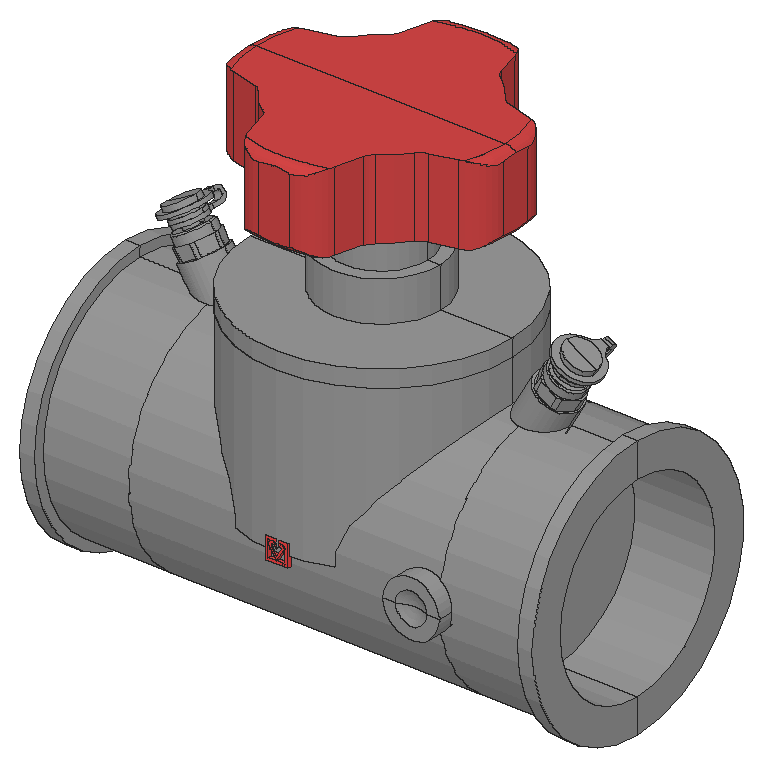
Revit family "Strangregulierventil für Differenzdruckmessung, Geradsitzform 4217 GM", category Rohrzubehör, Revit 2020
Family settings
  Bemaßung runder Anschluss = Durchmesser verwenden
  Teiletyp = Unterbricht
  OmniClass-Nummer = 23.65.55.14
  OmniClass-Titel = Valves for Liquid Services
  Arbeitsebenenbasiert = Nein
  Immer vertikal = Ja
  Beim Laden mit Abzugskörper schneiden = Nein
  Gemeinsam genutzt = Nein
Parameters
  kvs-Wert [instance] = if(Nennweite = 15.00 mm, 6.05, if(Nennweite = 20.00 mm, 6.11, if(Nennweite = 25.00 mm, 9.22, if(Nennweite = 32.00 mm, 18.83, if(Nennweite = 40.00 mm, 23.29, if(Nennweite = 50.00 mm, 35.26, if(Nennweite = 65.00 mm, 52.11, if(Nennweite = 80.00 mm, 76.1, 0))))))))  # 76.1
  W02 = 60.00°  # constant formula
  W01 = 30.00°  # constant formula
  Vorgabe-Ansicht = 0.00 mm
  URL = "www.herz-armaturen.at"
  SC_NennweiteBerechnet = 0
  SC_Dimension = ""
  SCRNSEQ = "ARM;ARM_TYP=\"STRV\";2"
  SCRNCODE = "05;07;02"  # constant formula
  S02 = 60.00 mm  # constant formula
  S01 [instance] = H00 + H01  # 119.31 mm
  R01 [instance] = size_lookup("4217_GM_", "R1", 1.00 mm, Nennweite)  # 53.00 mm
  Nennweite [instance] = 80.00 mm
  Medium = "Heizwasserqualität entsprechend ÖNORM H 5195 bzw. VDI-Richtlinie 2035.\r\nDie Verwendung von Ethylen- und Propylenglykol ist im Mischungsverhältnis 25 - 50 Vol. % zulässig."
  Max. Betriebstemperatur (bis DN32) = 130 °C  # constant formula
  Max. Betriebstemperatur (ab DN40) = 110 °C  # constant formula
  Max. Betriebsdruck = 1600000.0 Pa  # constant formula
  ML02 [instance] = size_lookup("4217_GM_", "ML2", 1.00 mm, Nennweite)  # 70.50 mm
  ML01 [instance] = size_lookup("4217_GM_", "ML1", 1.00 mm, Nennweite)  # 37.35 mm
  MD01 = 9.50 mm  # constant formula
  L02 [instance] = size_lookup("4217_GM_", "L2", 1.00 mm, Nennweite)  # 6.00 mm
  L01 [instance] = size_lookup("4217_GM_", "L1", 1.00 mm, Nennweite)  # 41.30 mm
  L00 [instance] = size_lookup("4217_GM_", "L", 1.00 mm, Nennweite)  # 210.00 mm
  IG [instance] = Nennweite / 2  # 40.00 mm
  Hersteller = "HERZ Armaturen Ges.m.b.H."  # constant formula
  H04 [instance] = size_lookup("4217_GM_", "H4", 1.00 mm, Nennweite)  # 19.00 mm
  H03 = 10.00 mm  # constant formula
  H02 [instance] = size_lookup("4217_GM_", "H2", 1.00 mm, Nennweite)  # 7.00 mm
  H01 [instance] = size_lookup("4217_GM_", "H1", 1.00 mm, Nennweite)  # 52.60 mm
  H00 [instance] = size_lookup("4217_GM_", "H", 1.00 mm, Nennweite)  # 66.71 mm
  Gewicht [instance] = if(Nennweite = 15.00 mm, "0.85 kg", if(Nennweite = 20.00 mm, "1.22 kg", if(Nennweite = 25.00 mm, "1.55 kg", if(Nennweite = 32.00 mm, "1.88 kg", if(Nennweite = 40.00 mm, "2.34 kg", if(Nennweite = 50.00 mm, "3.74 kg", if(Nennweite = 65.00 mm, "5.23 kg", if(Nennweite = 80.00 mm, "6.97 kg", "0 kg"))))))))  # "6.97 kg"
  Gehäuse = "DZR-Messing"  # constant formula
  GT [instance] = size_lookup("4217_GM_", "GT", 1.00 mm, Nennweite)  # 33.30 mm
  Einbaulage = "Bedingt durch die senkrecht zur Ventilachse angeordnete, nichtsteigende Ventilspindel ist für jede Einbaulage optimale Zugängigkeit und Bedienbarkeit des Ventils gewährleistet."
  Differenzdruckmessung = "STRÖMAX-GM Strangregulierventil ist mit zwei Messventilen ausgestattet.\r\nBei Verwendung eines geeigneten Messgerätes kann der Differenzdruck gemessen und dadurch die jeweilige Durchflussmenge in Abhängigkeit der Einstellstufe ermittelt werden.\r\nAm HERZ-Messcomputer (1 8900 05) ist außerdem direkt die jeweilige Durchflussmenge ablesbar."
  DN80 [instance] = Nennweite = 80.00 mm  # yes
  DN65 [instance] = Nennweite = 65.00 mm  # no
  DN50_DN80 [instance] = or(Nennweite = 50.00 mm, Nennweite = 65.00 mm, Nennweite = 80.00 mm)  # yes
  DN50-DN80 [instance] = H00 + H01  # 119.31 mm
  DN50 [instance] = Nennweite = 50.00 mm  # no
  DN40 [instance] = Nennweite = 40.00 mm  # no
  DN32 [instance] = Nennweite = 32.00 mm  # no
  DN25 [instance] = Nennweite = 25.00 mm  # no
  DN20 [instance] = Nennweite = 20.00 mm  # no
  DN15_DN40 [instance] = or(Nennweite = 15.00 mm, Nennweite = 20.00 mm, Nennweite = 25.00 mm, Nennweite = 32.00 mm, Nennweite = 40.00 mm)  # no
  DN15-DN40 [instance] = H00 + H01  # 119.31 mm
  DN15 [instance] = Nennweite = 15.00 mm  # no
  D06 [instance] = size_lookup("4217_GM_", "D6", 1.00 mm, Nennweite)  # 24.30 mm
  D05 [instance] = size_lookup("4217_GM_", "D5", 1.00 mm, Nennweite)  # 19.00 mm
  D04 = 9.00 mm  # constant formula
  D03 [instance] = size_lookup("4217_GM_", "D3", 1.00 mm, Nennweite)  # 53.80 mm
  D02 [instance] = size_lookup("4217_GM_", "D2", 1.00 mm, Nennweite)  # 54.00 mm
  D01 [instance] = size_lookup("4217_GM_", "D1", 1.00 mm, Nennweite)  # 50.00 mm
  Bestellnummer [instance] = size_lookup("4217_GM_", "Artnr", 0, Nennweite)  # 1421708
  Ausführung = "STRÖMAX-GM Strangregulierventil mit Messventilen, 1/2′′ – 3′′\r\nGeradesitzform, gelbe Ausführung, Muffe x Muffe, nichtsteigende Spindel, Spindelabdichtung durch Doppel-O-Ring,Voreinstellung durch Hubbegrenzung mittels Innenspindel, digitale Anzeige der Voreinstellstufe im Handradfenster.\r\n2 Messventile sind neben dem Handrad montiert."
  Anwendungen = "Zum hydraulischen Abgleich in Heiz- oder Kühlanlagen, Einregulieren von Verteilleitungen, Strängen, Wärmetauschern, Heiz- und Kühlregistern."
Reference planes
  plane 1 "Mitte (Vorne/hinten)": y = 0
  plane 2: z = 0
  plane 3 "Mitte (Links/rechts)": x = 0
Forms (mm)
  Revolve 1, solid, material "Messing, weicher Gelbton, geschweißt", detail levels fine
    sketch origin (0, 0, 0) x (1, 0, 0) y (0, 0, 1)
      loop
        line (-105, 54) -> (-105, 40) -> (-71.7, 40) -> (-71.7, 0) -> (71.7, 0) -> (71.7, 40) -> (105, 40) -> (105, 54) -> (99, 54) -> (99, 50) -> (63.7, 50)
        arc (63.7, 50) -> (0, 53) -> (-63.7, 50) r 677.782
        line (-63.7, 50) -> (-99, 50) -> (-99, 54) -> (-105, 54)
      axis (-105, 0) -> (105, 0)
    angle from 0 to 360
  Revolve 2, solid, material "Messing, weicher Gelbton, geschweißt", detail levels fine
    sketch origin (0, 0, 0) x (1, 0, 0) y (0, 0, 1)
      loop
        line (37.35, 0) -> (72.6, 61.055) -> (64.373, 65.805) -> (29.123, 4.75) -> (37.35, 0)
      axis (37.35, 0) -> (72.6, 61.055)
    angle from 0 to 360
  Revolve 3, solid, material "Messing, weicher Gelbton, geschweißt", detail levels fine
    sketch origin (0, 0, 0) x (1, 0, 0) y (0, 0, 1)
      loop
        line (0, 0) -> (0, 66.71) -> (-53.8, 66.71) -> (-53.8, 0) -> (0, 0)
      axis (0, 66.71) -> (0, 0)
    angle from 0 to 360
  Revolve 4, solid, material "Messing, weicher Gelbton, geschweißt", detail levels fine
    sketch origin (0, 0, 0) x (-1, 0, 0) y (0, 0, 1)
      loop
        line (37.35, 0) -> (72.6, 61.055) -> (64.373, 65.805) -> (29.123, 4.75) -> (37.35, 0)
      axis (37.35, 0) -> (72.6, 61.055)
    angle from 0 to 360
  Revolve 5, solid, material "Messing, weicher Gelbton, geschweißt", visible <- "DN65", detail levels fine
    sketch origin (0, 0, 0) x (1, 0, 0) y (0, 1, 0)
      loop
        line (60, 47.945) -> (60, -47.945)
        arc (60, -47.945) -> (63.368, -48.598) -> (66.5, -50) r 15
        line (66.5, -50) -> (71.5, -50) -> (71.5, 50) -> (66.5, 50)
        arc (66.5, 50) -> (63.368, 48.598) -> (60, 47.945) r 15
      axis (60, 50) -> (60, -50)
    angle from 0 to 360
  Revolve 6, solid, material "Messing, weicher Gelbton, geschweißt", detail levels fine
    sketch origin (0, 0, 0) x (1, 0, 0) y (0, 0, 1)
      loop
        line (0, 66.71) -> (0, 119.31) -> (-9, 119.31) -> (-9, 109.31) -> (-19, 109.31) -> (-19, 90.31) -> (-24.3, 90.31) -> (-24.3, 73.71) -> (-53.8, 73.71) -> (-53.8, 66.71) -> (0, 66.71)
      axis (0, 119.31) -> (0, 66.71)
    angle from 0 to 360
  Revolve 7, solid, material "Messing, weicher Gelbton, geschweißt", visible <- "DN80", detail levels fine
    sketch origin (0, 0, 0) x (1, 0, 0) y (0, 1, 0)
      loop
        line (57, 53.945) -> (57, -53.945)
        arc (57, -53.945) -> (60.368, -54.598) -> (63.5, -56) r 15
        line (63.5, -56) -> (68.5, -56) -> (68.5, 56) -> (63.5, 56)
        arc (63.5, 56) -> (60.368, 54.598) -> (57, 53.945) r 15
      axis (57, 56) -> (57, -56)
    angle from 0 to 360
Lines and regions (mm)
  model lines, detail levels coarse+medium
    curve 1: line (-105, 0, 54) -> (-105, 0, -54)
    curve 2: line (-105, 0, -54) -> (105, 0, 54)
    curve 3: line (105, 0, 54) -> (105, 0, -54)
    curve 4: line (105, 0, -54) -> (-105, 0, 54)
    curve 5: line (0, 0, 0) -> (68.884, 0, 119.31)
    curve 6: line (42.903, 0, 134.31) -> (94.864, 0, 104.31)
    curve 7: line (-105, 54, 0) -> (-105, -54, 0)
    curve 8: line (-105, -54, 0) -> (105, 54, 0)
    curve 9: line (105, 54, 0) -> (105, -54, 0)
    curve 10: line (105, -54, 0) -> (-105, 54, 0)
    curve 11: line (0, 0, 0) -> (68.884, 119.31, 0)
    curve 12: line (42.903, 134.31, 0) -> (94.864, 104.31, 0)
Dimensions and locks
  "IG": Revolve 1 sketch curve to plane 2
  "GT": Revolve 1 sketch curve to Revolve 1 sketch curve  (x2)
  "IG": Revolve 1 sketch curve to Revolve 1 sketch curve
  "D01": Revolve 1 sketch curve to Revolve 1 sketch curve  (x2)
  "R01": Revolve 1 sketch curve to Revolve 1 sketch curve
  "L02": Revolve 1 sketch curve to Revolve 1 sketch curve  (x2)
  "L01": Revolve 1 sketch curve to Revolve 1 sketch curve  (x2)
  "D02": Revolve 1 sketch curve to plane 2  (x2)
  equal spacing: Revolve 1 sketch curve, plane 3 "Mitte (Links/rechts)", Revolve 1 sketch curve
  "L00": Revolve 1 sketch curve to Revolve 1 sketch curve
  "R01": nested 1 to plane 1 "Mitte (Vorne/hinten)"
  "ML01": Revolve 2 sketch curve to plane 3 "Mitte (Links/rechts)"
  "H00": Revolve 3 sketch curve to plane 2
  "D03": Revolve 3 sketch curve to Revolve 3 sketch curve
  "ML02": Revolve 2 sketch curve to Revolve 2 sketch curve
  "MD01": Revolve 2 sketch curve to Revolve 2 sketch curve  (x2)
  "ML02": Revolve 4 sketch curve to Revolve 4 sketch curve
  "MD01": Revolve 4 sketch curve to Revolve 4 sketch curve  (x2)
  "ML01": plane 3 "Mitte (Links/rechts)" to Revolve 4 sketch curve
  Revolve 5 sketch curve to Revolve 1 = 45.00 mm
  Revolve 5 sketch curve to Revolve 5 sketch curve = 11.50 mm  (x2)
  Revolve 5 sketch curve to plane 1 "Mitte (Vorne/hinten)" to Revolve 5 sketch curve = 50.00 mm, 50.00 mm
  "H00": Revolve 6 sketch curve to plane 2
  "H01": Revolve 6 sketch curve to Revolve 6 sketch curve
  "D04": Revolve 6 sketch curve to Revolve 6 sketch curve
  "D03": Revolve 6 sketch curve to Revolve 6 sketch curve
  "D05": Revolve 6 sketch curve to Revolve 6 sketch curve
  "D06": Revolve 6 sketch curve to Revolve 6 sketch curve
  "H02": Revolve 6 sketch curve to Revolve 6 sketch curve
  "H03": Revolve 6 sketch curve to Revolve 6 sketch curve
  "H04": Revolve 6 sketch curve to Revolve 6 sketch curve
  Revolve 7 sketch curve to Revolve 1 = 48.00 mm
  Revolve 7 sketch curve to Revolve 7 sketch curve = 11.50 mm  (x2)
  Revolve 7 sketch curve to plane 1 "Mitte (Vorne/hinten)" to Revolve 7 sketch curve = 56.00 mm, 56.00 mm
  "DN15-DN40": nested 2 to plane 2
  "DN50-DN80": nested 3 to plane 2
  "D02": curve 4 to plane 2 to curve 2
  "D02": curve 3 to plane 2 to curve 4
  equal spacing: curve 1, plane 3 "Mitte (Links/rechts)", curve 3
  "L00": curve 1 to curve 3
  equal spacing: Revolve 1, curve 5, Revolve 1
  "S01": curve 5 to plane 2
  equal spacing: curve 6, curve 5, curve 6
  "S02": curve 6 to curve 6
  "D02": curve 8 to plane 1 "Mitte (Vorne/hinten)" to curve 10
  "D02": curve 10 to plane 1 "Mitte (Vorne/hinten)" to curve 9
  equal spacing: curve 7, plane 3 "Mitte (Links/rechts)", curve 9
  "L00": curve 7 to curve 9
  equal spacing: curve 7, curve 11, curve 9
  "S01": plane 1 "Mitte (Vorne/hinten)" to curve 11
  equal spacing: curve 12, curve 11, curve 12
  "S02": curve 12 to curve 12
  radius of Revolve 5 sketch curve = 15.00 mm  (x2)
  radius of Revolve 7 sketch curve = 15.00 mm  (x2)
  "W01": angle Revolve 2 sketch curve to plane 3 "Mitte (Links/rechts)"  (x2)
  "W01": angle plane 3 "Mitte (Links/rechts)" to Revolve 4 sketch curve  (x2)
  "W02": angle plane 2 to curve 5
  "W02": angle plane 1 "Mitte (Vorne/hinten)" to curve 11
  aligned and locked: level to plane 2
Automatic sketch dimensions
  Revolve 5 sketch curve to Revolve 5 sketch curve = 1.153 mm  (x2)
  Revolve 5 sketch curve to Revolve 5 sketch curve = 5.00 mm  (x2)
  Revolve 5 sketch curve to Revolve 5 sketch curve = 2.854 mm  (x2)
  Revolve 7 sketch curve to Revolve 7 sketch curve = 1.153 mm  (x2)
  Revolve 7 sketch curve to Revolve 7 sketch curve = 5.00 mm  (x2)
  Revolve 7 sketch curve to Revolve 7 sketch curve = 8.854 mm  (x2)
  Revolve 1 sketch curve to level = 0.00 mm  (x2)
  Revolve 1 sketch curve to Revolve 1 sketch curve = 1429.986 mm
  Revolve 1 sketch curve to Revolve 1 sketch curve = 1762.604 mm
  Revolve 2 sketch curve to level = 0.00 mm  (x2)
  Revolve 3 sketch curve to level = 0.00 mm
  Revolve 3 sketch curve to plane 3 "Mitte (Links/rechts)" = 0.00 mm  (x2)
  Revolve 3 sketch curve to Revolve 3 sketch curve = 366.045 mm
  Revolve 3 sketch curve to Revolve 3 sketch curve = 2179.415 mm
  Revolve 4 sketch curve to level = 0.00 mm  (x2)
  Revolve 6 sketch curve to plane 3 "Mitte (Links/rechts)" = 0.00 mm  (x2)
  Revolve 6 sketch curve to level = 366.045 mm
  Revolve 6 sketch curve to Revolve 6 sketch curve = 2146.115 mm
Nested families
  nested 1: "Herz-Logo-vorne" at (0, -53, 0) x (0, 1, 0) z (0, 0, 1), type "Herz-Logo-vorne", detail levels fine
  nested 2: "Strangregulierventil-Handrad-Gerade (Rot) DN15-DN40" at (0, 0, 119.31), visible <- "DN15_DN40", type "Strangregulierventil-Handrad-Gerade (Rot) DN15-DN40", detail levels fine
    with Nennweite 0.00 mm, Gewicht 0.00 kg, Bestellnummer 0
  nested 3: "Strangregulierventil-Handrad-Gerade (Rot) DN50-DN80" at (0, 0, 119.31), visible <- "DN50_DN80", type "Strangregulierventil-Handrad-Gerade (Rot) DN50-DN80", detail levels fine
    with Nennweite 0.00 mm, Gewicht 0.00 kg, Bestellnummer 0
  nested 4: "Messstutzen_Band_Austritt_30Grad_(oben)" at (47.24, 0, 34.901), visible <- "DN50", type "Messstutzen_Band_Austritt_30Grad_(oben)", detail levels fine
    with Schutzkappe yes, Nennweite 0.00 mm, Gewicht 0.00 kg, Bestellnummer 0
  nested 5: "Messstutzen_Band_Eintritt_30Grad_(oben)" at (-47.24, 0, 34.901) x (-1, 0, 0) z (0, 0, 1), visible <- "DN50", type "Messstutzen_Band_Eintritt_30Grad_(oben)", detail levels fine
    with Schutzkappe yes, Nennweite 0.00 mm, Gewicht 0.00 kg, Bestellnummer 0
  nested 6: "Messstutzen_Band_Austritt_30Grad_(oben)" at (27.02, 0, 10.999), visible <- "DN15", type "Messstutzen_Band_Austritt_30Grad_(oben)", detail levels fine
    with Schutzkappe yes, Nennweite 0.00 mm, Gewicht 0.00 kg, Bestellnummer 0
  nested 7: "Messstutzen_Band_Eintritt_30Grad_(oben)" at (-27.02, 0, 10.999) x (-1, 0, 0) z (0, 0, 1), visible <- "DN15", type "Messstutzen_Band_Eintritt_30Grad_(oben)", detail levels fine
    with Schutzkappe yes, Nennweite 0.00 mm, Gewicht 0.00 kg, Bestellnummer 0
  nested 8: "Messstutzen_Band_Eintritt_30Grad_(oben)" at (-24.855, 0, 13.553) x (-1, 0, 0) z (0, 0, 1), visible <- "DN20", type "Messstutzen_Band_Eintritt_30Grad_(oben)", detail levels fine
    with Schutzkappe yes, Nennweite 0.00 mm, Gewicht 0.00 kg, Bestellnummer 0
  nested 9: "Messstutzen_Band_Austritt_30Grad_(oben)" at (24.855, 0, 13.553), visible <- "DN20", type "Messstutzen_Band_Austritt_30Grad_(oben)", detail levels fine
    with Schutzkappe yes, Nennweite 0.00 mm, Gewicht 0.00 kg, Bestellnummer 0
  nested 10: "Messstutzen_Band_Eintritt_30Grad_(oben)" at (-29.265, 0, 17.883) x (-1, 0, 0) z (0, 0, 1), visible <- "DN25", type "Messstutzen_Band_Eintritt_30Grad_(oben)", detail levels fine
    with Schutzkappe yes, Nennweite 0.00 mm, Gewicht 0.00 kg, Bestellnummer 0
  nested 11: "Messstutzen_Band_Austritt_30Grad_(oben)" at (29.265, 0, 17.883), visible <- "DN25", type "Messstutzen_Band_Austritt_30Grad_(oben)", detail levels fine
    with Schutzkappe yes, Nennweite 0.00 mm, Gewicht 0.00 kg, Bestellnummer 0
  nested 12: "Messstutzen_Band_Eintritt_30Grad_(oben)" at (-37.74, 0, 24.595) x (-1, 0, 0) z (0, 0, 1), visible <- "DN32", type "Messstutzen_Band_Eintritt_30Grad_(oben)", detail levels fine
    with Schutzkappe yes, Nennweite 0.00 mm, Gewicht 0.00 kg, Bestellnummer 0
  nested 13: "Messstutzen_Band_Austritt_30Grad_(oben)" at (37.74, 0, 24.595), visible <- "DN32", type "Messstutzen_Band_Austritt_30Grad_(oben)", detail levels fine
    with Schutzkappe yes, Nennweite 0.00 mm, Gewicht 0.00 kg, Bestellnummer 0
  nested 14: "Messstutzen_Band_Eintritt_30Grad_(oben)" at (-42.8, 0, 28.665) x (-1, 0, 0) z (0, 0, 1), visible <- "DN40", type "Messstutzen_Band_Eintritt_30Grad_(oben)", detail levels fine
    with Schutzkappe yes, Nennweite 0.00 mm, Gewicht 0.00 kg, Bestellnummer 0
  nested 15: "Messstutzen_Band_Austritt_30Grad_(oben)" at (42.8, 0, 28.665), visible <- "DN40", type "Messstutzen_Band_Austritt_30Grad_(oben)", detail levels fine
    with Schutzkappe yes, Nennweite 0.00 mm, Gewicht 0.00 kg, Bestellnummer 0
  nested 16: "Messstutzen_Band_Eintritt_30Grad_(oben)" at (-54.5, 0, 38.105) x (-1, 0, 0) z (0, 0, 1), visible <- "DN65", type "Messstutzen_Band_Eintritt_30Grad_(oben)", detail levels fine
    with Schutzkappe yes, Nennweite 0.00 mm, Gewicht 0.00 kg, Bestellnummer 0
  nested 17: "Messstutzen_Band_Austritt_30Grad_(oben)" at (54.5, 0, 38.105), visible <- "DN65", type "Messstutzen_Band_Austritt_30Grad_(oben)", detail levels fine
    with Schutzkappe yes, Nennweite 0.00 mm, Gewicht 0.00 kg, Bestellnummer 0
  nested 18: "Messstutzen_Band_Eintritt_30Grad_(oben)" at (-63.85, 0, 45.899) x (-1, 0, 0) z (0, 0, 1), visible <- "DN80", type "Messstutzen_Band_Eintritt_30Grad_(oben)", detail levels fine
    with Schutzkappe yes, Nennweite 0.00 mm, Gewicht 0.00 kg, Bestellnummer 0
  nested 19: "Messstutzen_Band_Austritt_30Grad_(oben)" at (63.85, 0, 45.899), visible <- "DN80", type "Messstutzen_Band_Austritt_30Grad_(oben)", detail levels fine
    with Schutzkappe yes, Nennweite 0.00 mm, Gewicht 0.00 kg, Bestellnummer 0
Connectors
  piping at (-71.7, 0, 0), diameter 80, driven by "Nennweite"
    settings: on Revolve 1, index 1, connector inside diameter 609.6 mm, connector length 0.00 mm, flow factor 0, pipe flow 0.0 L/s, pressure drop 0.0 Pa, fitting loss kfactor 0, connector angle 0.00°, fixture units 0, engagement length 0.00 mm, angle of deflection 0.00°, flow configuration 0, flow direction 1, fitting loss method 0, system type 29, joint type 0, gender type 0, connector reference index -1, connector utility 0, adjustable connector no, is connector primary yes, connector description ""
  piping at (71.7, 0, 0), diameter 80, driven by "Nennweite"
    settings: on Revolve 1, index 2, connector inside diameter 609.6 mm, connector length 0.00 mm, flow factor 0, pipe flow 0.0 L/s, pressure drop 0.0 Pa, fitting loss kfactor 0, connector angle 0.00°, fixture units 0, engagement length 0.00 mm, angle of deflection 0.00°, flow configuration 0, flow direction 2, fitting loss method 0, system type 29, joint type 0, gender type 0, connector reference index -1, connector utility 0, adjustable connector no, is connector primary no, connector description ""
Definition of nested family "Herz-Logo-vorne"
  Parameters (values of type "Herz-Logo-vorne")
    Default Elevation = 0.00 mm
  Reference planes
    plane 1 "Mitte (Vorne/hinten)": y = 0
    plane 2: z = 0
    plane 3 "Mitte (Links/rechts)": x = 0
  Forms (mm)
    Extrusion 1, solid
      sketch origin (0.732, -0.018, 0.017) x (0, -1, 0) y (0, 0, 1)
        loop
          line (-0.018, -4.517) -> (4.482, -4.517) -> (4.482, 4.483) -> (-4.518, 4.483) -> (-4.518, -4.517) -> (-0.018, -4.517)
        loop
          line (-0.05, -3.48) -> (3.482, -3.48) -> (3.482, 3.483) -> (-3.518, 3.483) -> (-3.518, -3.48) -> (-0.05, -3.48)
        loop
          arc (-0.018, 2.383) -> (-1.543, 3.287) -> (-3.067, 2.383) r 1.738
          arc (-3.067, 2.383) -> (-3.191, 1.899) -> (-3.067, 1.415) r 1.009
          line (-3.067, 1.415) -> (-0.018, -3.281) -> (3.032, 1.415)
          arc (3.032, 1.415) -> (3.156, 1.899) -> (3.032, 2.383) r 1.009
          arc (3.032, 2.383) -> (1.507, 3.287) -> (-0.018, 2.383) r 1.738
        loop
          arc (1.885, 1.272) -> (2.005, 1.675) -> (1.885, 2.079) r 0.74
          arc (1.885, 2.079) -> (1.265, 2.416) -> (0.644, 2.079) r 0.74
          line (0.644, 2.079) -> (-0.018, 0.97) -> (-0.679, 2.079)
          arc (-0.679, 2.079) -> (-1.3, 2.416) -> (-1.921, 2.079) r 0.74
          arc (-1.921, 2.079) -> (-2.04, 1.675) -> (-1.921, 1.272) r 0.74
          line (-1.921, 1.272) -> (-0.018, -1.658) -> (1.885, 1.272)
      from 0 to 1.5
  Dimensions and locks
    aligned and locked: level to plane 2
Definition of nested family "Strangregulierventil-Handrad-Gerade (Rot) DN15-DN40"
  Parameters (values of type "Strangregulierventil-Handrad-Gerade (Rot) DN15-DN40")
    Default Elevation = 0.00 mm
    URL = "www.herz-armaturen.at"
    Nennweite [instance] = 0.00 mm
    Manufacturer = "Herz Armaturen GmbH"  # constant formula
    Gewicht [instance] = 0.00 kg
    Bestellnummer [instance] = 0
  Reference planes
    plane 1 "Mitte (Vorne/hinten)": y = 0
    plane 2: z = 0
    plane 3 "Mitte (Links/rechts)": x = 0
  Forms (mm)
    Revolve 1, solid, detail levels fine
      sketch origin (0, 0, 0) x (1, 0, 0) y (0, 0, 1)
        loop
          line (0, 0) -> (0, 24.95) -> (-30.992, 24.95)
          arc (-30.992, 24.95) -> (-34.37, 23.636) -> (-35.973, 20.386) r 5
          line (-35.973, 20.386) -> (-37, 8.65) -> (-35.986, -2.936)
          arc (-35.986, -2.936) -> (-34.383, -6.186) -> (-31.005, -7.5) r 5
          line (-31.005, -7.5) -> (-15, -7.5) -> (-15, 0) -> (0, 0)
        axis (0, 24.95) -> (0, -7.5)
      angle from 0 to 360
    Extrusion 2, void
      sketch origin (0, 0, 20.3) x (1, 0, 0) y (0, 1, 0)
        loop
          line (3.861, 35.5) -> (-3.861, 35.5)
          arc (-3.861, 35.5) -> (-8.731, 33.847) -> (-11.589, 29.571) r 8
          line (-11.589, 29.571) -> (-13.284, 23.245)
          arc (-13.284, 23.245) -> (-13.982, 21.722) -> (-15.144, 20.516) r 5
          arc (-15.144, 20.516) -> (-18.031, 18.031) -> (-20.516, 15.144) r 25.5
          arc (-20.516, 15.144) -> (-21.722, 13.982) -> (-23.245, 13.284) r 5
          line (-23.245, 13.284) -> (-29.571, 11.589)
          arc (-29.571, 11.589) -> (-33.847, 8.731) -> (-35.5, 3.861) r 8
          line (-35.5, 3.861) -> (-35.5, -3.861)
          arc (-35.5, -3.861) -> (-33.847, -8.731) -> (-29.571, -11.589) r 8
          line (-29.571, -11.589) -> (-23.245, -13.284)
          arc (-23.245, -13.284) -> (-21.722, -13.982) -> (-20.516, -15.144) r 5
          arc (-20.516, -15.144) -> (-18.031, -18.031) -> (-15.144, -20.516) r 25.5
          arc (-15.144, -20.516) -> (-13.982, -21.722) -> (-13.284, -23.245) r 5
          line (-13.284, -23.245) -> (-11.589, -29.571)
          arc (-11.589, -29.571) -> (-8.731, -33.847) -> (-3.861, -35.5) r 8
          line (-3.861, -35.5) -> (3.861, -35.5)
          arc (3.861, -35.5) -> (8.731, -33.847) -> (11.589, -29.571) r 8
          line (11.589, -29.571) -> (13.284, -23.245)
          arc (13.284, -23.245) -> (13.982, -21.722) -> (15.144, -20.516) r 5
          arc (15.144, -20.516) -> (18.031, -18.031) -> (20.516, -15.144) r 25.5
          arc (20.516, -15.144) -> (21.722, -13.982) -> (23.245, -13.284) r 5
          line (23.245, -13.284) -> (29.571, -11.589)
          arc (29.571, -11.589) -> (33.847, -8.731) -> (35.5, -3.861) r 8
          line (35.5, -3.861) -> (35.5, 3.861)
          arc (35.5, 3.861) -> (33.847, 8.731) -> (29.571, 11.589) r 8
          line (29.571, 11.589) -> (23.245, 13.284)
          arc (23.245, 13.284) -> (21.722, 13.982) -> (20.516, 15.144) r 5
          arc (20.516, 15.144) -> (18.031, 18.031) -> (15.144, 20.516) r 25.5
          arc (15.144, 20.516) -> (13.982, 21.722) -> (13.284, 23.245) r 5
          line (13.284, 23.245) -> (11.589, 29.571)
          arc (11.589, 29.571) -> (8.731, 33.847) -> (3.861, 35.5) r 8
        loop
          circle (0, 0) r 38
      from -31.266 to 7.923
  Cuts and joins
    Extrusion 2 cuts Revolve 1
  Dimensions and locks
    Revolve 1 sketch curve to Revolve 1 sketch curve = 15.00 mm
    Revolve 1 sketch curve to Revolve 1 sketch curve = 16.15 mm
    Revolve 1 sketch curve to Revolve 1 sketch curve = 16.30 mm
    angle Revolve 1 sketch curve to Revolve 1 sketch curve = 95.00°
    aligned and locked: level to plane 2
Definition of nested family "Strangregulierventil-Handrad-Gerade (Rot) DN50-DN80"
  Parameters (values of type "Strangregulierventil-Handrad-Gerade (Rot) DN50-DN80")
    Default Elevation = 0.00 mm
    URL = "www.herz-armaturen.at"
    Nennweite [instance] = 0.00 mm
    Manufacturer = "Herz Armaturen GmbH"  # constant formula
    Gewicht [instance] = 0.00 kg
    Bestellnummer [instance] = 0
  Reference planes
    plane 1 "Mitte (Vorne/hinten)": y = 0
    plane 2: z = 0
    plane 3 "Mitte (Links/rechts)": x = 0
  Forms (mm)
    Revolve 1, solid, detail levels fine
      sketch origin (0, 0, 0) x (1, 0, 0) y (0, 0, 1)
        loop
          line (0, 0) -> (0, 24.95) -> (-50.992, 24.95)
          arc (-50.992, 24.95) -> (-54.37, 23.636) -> (-55.973, 20.386) r 5
          line (-55.973, 20.386) -> (-57, 8.65) -> (-55.986, -2.936)
          arc (-55.986, -2.936) -> (-54.383, -6.186) -> (-51.005, -7.5) r 5
          line (-51.005, -7.5) -> (-15, -7.5) -> (-15, 0) -> (0, 0)
        axis (0, 24.95) -> (0, -7.5)
      angle from 0 to 360
    Extrusion 2, void
      sketch origin (0, 0, 20.3) x (1, 0, 0) y (0, 1, 0)
        loop
          line (-55, 6.292) -> (-55, -6.292)
          arc (-55, -6.292) -> (-52.52, -13.597) -> (-46.106, -17.883) r 12
          line (-46.106, -17.883) -> (-35.399, -20.752)
          arc (-35.399, -20.752) -> (-33.541, -21.612) -> (-32.08, -23.047) r 6
          arc (-32.08, -23.047) -> (-27.931, -27.931) -> (-23.047, -32.08) r 39.5
          arc (-23.047, -32.08) -> (-21.612, -33.541) -> (-20.752, -35.399) r 6
          line (-20.752, -35.399) -> (-17.883, -46.106)
          arc (-17.883, -46.106) -> (-13.597, -52.52) -> (-6.292, -55) r 12
          line (-6.292, -55) -> (6.292, -55)
          arc (6.292, -55) -> (13.597, -52.52) -> (17.883, -46.106) r 12
          line (17.883, -46.106) -> (20.752, -35.399)
          arc (20.752, -35.399) -> (21.612, -33.541) -> (23.047, -32.08) r 6
          arc (23.047, -32.08) -> (27.931, -27.931) -> (32.08, -23.047) r 39.5
          arc (32.08, -23.047) -> (33.541, -21.612) -> (35.399, -20.752) r 6
          line (35.399, -20.752) -> (46.106, -17.883)
          arc (46.106, -17.883) -> (52.52, -13.597) -> (55, -6.292) r 12
          line (55, -6.292) -> (55, 6.292)
          arc (55, 6.292) -> (52.52, 13.597) -> (46.106, 17.883) r 12
          line (46.106, 17.883) -> (35.399, 20.752)
          arc (35.399, 20.752) -> (33.541, 21.612) -> (32.08, 23.047) r 6
          arc (32.08, 23.047) -> (27.931, 27.931) -> (23.047, 32.08) r 39.5
          arc (23.047, 32.08) -> (21.612, 33.541) -> (20.752, 35.399) r 6
          line (20.752, 35.399) -> (17.883, 46.106)
          arc (17.883, 46.106) -> (13.597, 52.52) -> (6.292, 55) r 12
          line (6.292, 55) -> (-6.292, 55)
          arc (-6.292, 55) -> (-13.597, 52.52) -> (-17.883, 46.106) r 12
          line (-17.883, 46.106) -> (-20.752, 35.399)
          arc (-20.752, 35.399) -> (-21.612, 33.541) -> (-23.047, 32.08) r 6
          arc (-23.047, 32.08) -> (-27.931, 27.931) -> (-32.08, 23.047) r 39.5
          arc (-32.08, 23.047) -> (-33.541, 21.612) -> (-35.399, 20.752) r 6
          line (-35.399, 20.752) -> (-46.106, 17.883)
          arc (-46.106, 17.883) -> (-52.52, 13.597) -> (-55, 6.292) r 12
        loop
          circle (0, 0) r 60
      from -31.161 to 7.489
  Cuts and joins
    Extrusion 2 cuts Revolve 1
  Dimensions and locks
    Revolve 1 sketch curve to Revolve 1 sketch curve = 15.00 mm
    Revolve 1 sketch curve to Revolve 1 sketch curve = 16.15 mm
    Revolve 1 sketch curve to Revolve 1 sketch curve = 16.30 mm
    Revolve 1 sketch curve to Revolve 1 sketch curve = 57.00 mm
    angle Revolve 1 sketch curve to Revolve 1 sketch curve = 95.00°
    aligned and locked: level to plane 2
Definition of nested family "Messstutzen_Band_Austritt_30Grad_(oben)"
  Parameters (values of type "Messstutzen_Band_Austritt_30Grad_(oben)")
    Default Elevation = 0.00 mm
    URL = "www.herz-armaturen.at"
    Schutzkappe [instance] = yes
    Nennweite [instance] = 0.00 mm
    Manufacturer = "Herz Armaturen GmbH"  # constant formula
    Gewicht [instance] = 0.00 kg
    Bestellnummer [instance] = 0
  Reference planes
    plane 1 "Mitte (Vorne/hinten)": y = 0
    plane 2: z = 0
    plane 3 "Mitte (Links/rechts)": x = 0
  Forms (mm)
    Revolve 1, solid, detail levels fine
      sketch origin (0, 0, 0) x (0.866025, 0, -0.5) y (0.5, 0, 0.866025)
        loop
          line (-7.4, 9) -> (-5.55, 9) -> (-5.55, 6)
          arc (-5.55, 6) -> (-5.626, 5.617) -> (-5.843, 5.293) r 1
          line (-5.843, 5.293) -> (-6.455, 4.681) -> (-6.455, 0.9) -> (-5.555, 0) -> (-2, 0) -> (-2, 17.5) -> (-8.4, 17.5)
          arc (-8.4, 17.5) -> (-7.693, 17.207) -> (-7.4, 16.5) r 1
          line (-7.4, 16.5) -> (-7.4, 9)
        loop
          line (-3.7, 27) -> (-7.3, 27) -> (-7.9, 26.4) -> (-7.9, 23) -> (-2, 23) -> (-2, 35.8) -> (-3.805, 35.8) -> (-4.415, 35.19) -> (-4.415, 30.863) -> (-3.7, 30.45) -> (-3.7, 27)
        axis (0, 0) -> (0, 35.8)
      angle from 0 to 360
    Extrusion 2, solid, detail levels fine
      sketch origin (8.75, 0, 15.155) x (0, 1, 0) y (-0.866025, 0, 0.5)
        loop
          arc (-7.07, 5.156) -> (-7.578, 4.375) -> (-8, 3.544) r 8.75
          line (-8, 3.544) -> (-8, -3.544)
          arc (-8, -3.544) -> (-7.578, -4.375) -> (-7.07, -5.156) r 8.75
          line (-7.07, -5.156) -> (-0.93, -8.7)
          arc (-0.93, -8.7) -> (0, -8.75) -> (0.93, -8.7) r 8.75
          line (0.93, -8.7) -> (7.07, -5.156)
          arc (7.07, -5.156) -> (7.578, -4.375) -> (8, -3.544) r 8.75
          line (8, -3.544) -> (8, 3.544)
          arc (8, 3.544) -> (7.578, 4.375) -> (7.07, 5.156) r 8.75
          line (7.07, 5.156) -> (0.93, 8.7)
          arc (0.93, 8.7) -> (0, 8.75) -> (-0.93, 8.7) r 8.75
          line (-0.93, 8.7) -> (-7.07, 5.156)
      from 0 to 5.5
    Revolve 3, solid, visible <- "Schutzkappe", detail levels fine
      sketch origin (0, 0, 0) x (0.866025, 0, -0.5) y (0.5, 0, 0.866025)
        loop
          line (0, 35.878) -> (0, 36.678) -> (-7, 36.678) -> (-7, 33.378) -> (-6.1, 33.378) -> (-6.1, 31.678) -> (-6.9, 31.678) -> (-6.9, 30.178) -> (-4.415, 30.178) -> (-4.415, 35.268) -> (-3.805, 35.878) -> (0, 35.878)
        axis (0, 30.178) -> (0, 36.678)
      angle from 0 to 360
    Extrusion 4, solid, detail levels fine
      sketch origin (14.25, 0, 24.682) x (0, 1, 0) y (0.866025, 0, -0.5)
        loop
          circle (0, 0) r 3.7
        loop
          arc (5.505, -3.906) -> (7.288, -2.358) -> (9.582, -1.8) r 5
          line (9.582, -1.8) -> (9.582, 1.8)
          arc (9.582, 1.8) -> (7.288, 2.358) -> (5.505, 3.906) r 5
          arc (5.505, 3.906) -> (-6.75, 0) -> (5.505, -3.906) r 6.75
      from 0 to -1.5
    Extrusion 5, solid, detail levels fine
      sketch origin (16.589, 0, 28.733) x (0, 1, 0) y (0.866025, 0, -0.5)
        loop
          circle (0, 0) r 6.1
        loop
          arc (8.652, -4.495) -> (10.493, -2.527) -> (13.089, -1.8) r 5
          line (13.089, -1.8) -> (13.089, 1.8)
          arc (13.089, 1.8) -> (10.493, 2.527) -> (8.652, 4.495) r 5
          arc (8.652, 4.495) -> (-9.75, 0) -> (8.652, -4.495) r 9.75
      from 0 to -1.5
    Sweep 6, solid, detail levels fine
      path origin (1.029, 0.159, 0.98) x (-0.5, 0, -0.866025) y (0, 1, 0)
        loop
          line (-27.75, 9.582) -> (-27.75, 14.522)
          arc (-27.75, 14.522) -> (-30.089, 16.862) -> (-32.428, 14.522) r 2.339
          line (-32.428, 14.522) -> (-32.428, 13.089)
      profile origin (14.904, 12.211, 25.012) x (0.5, 0, 0.866025) y (0.866025, 0, -0.5)
        loop
          line (-0.75, -1.8) -> (0.75, -1.8) -> (0.75, 1.8) -> (-0.75, 1.8) -> (-0.75, -1.8)
  Dimensions and locks
    aligned and locked: level to plane 2
Definition of nested family "Messstutzen_Band_Eintritt_30Grad_(oben)"
  Parameters (values of type "Messstutzen_Band_Eintritt_30Grad_(oben)")
    Default Elevation = 0.00 mm
    URL = "www.herz-armaturen.at"
    Schutzkappe [instance] = yes
    Nennweite [instance] = 0.00 mm
    Manufacturer = "Herz Armaturen GmbH"  # constant formula
    Gewicht [instance] = 0.00 kg
    Bestellnummer [instance] = 0
  Reference planes
    plane 1 "Mitte (Vorne/hinten)": y = 0
    plane 2: z = 0
    plane 3 "Mitte (Links/rechts)": x = 0
  Forms (mm)
    Revolve 1, solid, detail levels fine
      sketch origin (0, 0, 0) x (0.866025, 0, -0.5) y (0.5, 0, 0.866025)
        loop
          line (-7.4, 9) -> (-5.55, 9) -> (-5.55, 6)
          arc (-5.55, 6) -> (-5.626, 5.617) -> (-5.843, 5.293) r 1
          line (-5.843, 5.293) -> (-6.455, 4.681) -> (-6.455, 0.9) -> (-5.555, 0) -> (-2, 0) -> (-2, 17.5) -> (-8.4, 17.5)
          arc (-8.4, 17.5) -> (-7.693, 17.207) -> (-7.4, 16.5) r 1
          line (-7.4, 16.5) -> (-7.4, 9)
        loop
          line (-3.7, 27) -> (-7.3, 27) -> (-7.9, 26.4) -> (-7.9, 23) -> (-2, 23) -> (-2, 35.8) -> (-3.805, 35.8) -> (-4.415, 35.19) -> (-4.415, 30.863) -> (-3.7, 30.45) -> (-3.7, 27)
        axis (0, 0) -> (0, 35.8)
      angle from 0 to 360
    Extrusion 2, solid, detail levels fine
      sketch origin (8.75, 0, 15.155) x (0, 1, 0) y (-0.866025, 0, 0.5)
        loop
          arc (-7.07, 5.156) -> (-7.578, 4.375) -> (-8, 3.544) r 8.75
          line (-8, 3.544) -> (-8, -3.544)
          arc (-8, -3.544) -> (-7.578, -4.375) -> (-7.07, -5.156) r 8.75
          line (-7.07, -5.156) -> (-0.93, -8.7)
          arc (-0.93, -8.7) -> (0, -8.75) -> (0.93, -8.7) r 8.75
          line (0.93, -8.7) -> (7.07, -5.156)
          arc (7.07, -5.156) -> (7.578, -4.375) -> (8, -3.544) r 8.75
          line (8, -3.544) -> (8, 3.544)
          arc (8, 3.544) -> (7.578, 4.375) -> (7.07, 5.156) r 8.75
          line (7.07, 5.156) -> (0.93, 8.7)
          arc (0.93, 8.7) -> (0, 8.75) -> (-0.93, 8.7) r 8.75
          line (-0.93, 8.7) -> (-7.07, 5.156)
      from 0 to 5.5
    Revolve 3, solid, visible <- "Schutzkappe", detail levels fine
      sketch origin (0, 0, 0) x (0.866025, 0, -0.5) y (0.5, 0, 0.866025)
        loop
          line (0, 35.878) -> (0, 36.678) -> (-7, 36.678) -> (-7, 33.378) -> (-6.1, 33.378) -> (-6.1, 31.678) -> (-6.9, 31.678) -> (-6.9, 30.178) -> (-4.415, 30.178) -> (-4.415, 35.268) -> (-3.805, 35.878) -> (0, 35.878)
        axis (0, 30.178) -> (0, 36.678)
      angle from 0 to 360
    Extrusion 4, solid, detail levels fine
      sketch origin (14.25, 0, 24.682) x (0, 1, 0) y (0.866025, 0, -0.5)
        loop
          circle (0, 0) r 3.7
        loop
          arc (5.505, -3.906) -> (7.288, -2.358) -> (9.582, -1.8) r 5
          line (9.582, -1.8) -> (9.582, 1.8)
          arc (9.582, 1.8) -> (7.288, 2.358) -> (5.505, 3.906) r 5
          arc (5.505, 3.906) -> (-6.75, 0) -> (5.505, -3.906) r 6.75
      from 0 to -1.5
    Extrusion 5, solid, detail levels fine
      sketch origin (16.589, 0, 28.733) x (0, 1, 0) y (0.866025, 0, -0.5)
        loop
          circle (0, 0) r 6.1
        loop
          arc (8.652, -4.495) -> (10.493, -2.527) -> (13.089, -1.8) r 5
          line (13.089, -1.8) -> (13.089, 1.8)
          arc (13.089, 1.8) -> (10.493, 2.527) -> (8.652, 4.495) r 5
          arc (8.652, 4.495) -> (-9.75, 0) -> (8.652, -4.495) r 9.75
      from 0 to -1.5
    Sweep 6, solid, detail levels fine
      path origin (0.933, -0.183, 1.116) x (-0.5, 0, -0.866025) y (0, 1, 0)
        loop
          line (-27.75, 9.582) -> (-27.75, 14.522)
          arc (-27.75, 14.522) -> (-30.089, 16.862) -> (-32.428, 14.522) r 2.339
          line (-32.428, 14.522) -> (-32.428, 13.089)
      profile origin (14.808, 11.869, 25.148) x (0.5, 0, 0.866025) y (0.866025, 0, -0.5)
        loop
          line (-0.75, -1.8) -> (0.75, -1.8) -> (0.75, 1.8) -> (-0.75, 1.8) -> (-0.75, -1.8)
  Dimensions and locks
    aligned and locked: level to plane 2
